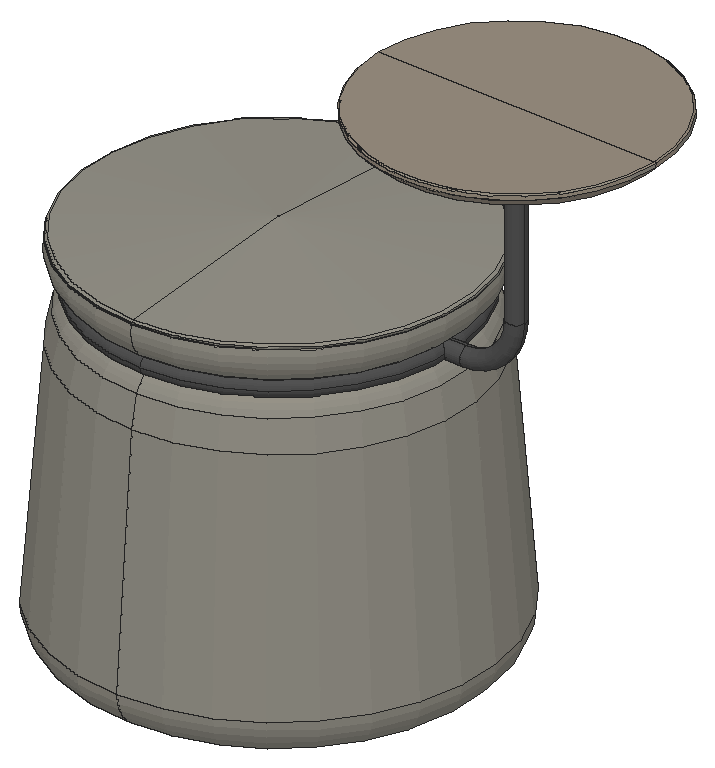
Revit family "NAU_Naughtone_Stng_Lasso_StoolWIP5", category Furniture, Revit 2016
Family settings
  OmniClass Number = 23.40.20.00
  OmniClass Title = General Furniture and Specialties
  Work Plane-Based = No
  Always vertical = Yes
  Cut with Voids When Loaded = No
  Shared = Yes
  Room Calculation Point = No
Parameters (values of type "Lasso Stool and Table LASSTTAB 510 x 725 x 705 mm")
  WarrantyStartDate [instance] = "1900-12-31T23:59:59"
  WarrantyGuarantorParts = "sales@naughtone.com"
  WarrantyGuarantorLabor = "sales@naughtone.com"
  WarrantyDurationUnit = "year"
  WarrantyDurationParts = "7"
  WarrantyDurationLabor = "7"
  WarrantyDescription = "n/a"
  Version = "1"
  Uniclass2015Version = "Products v1.14"
  Uniclass2015Title = "Chairs, seats and benches"
  Uniclass2015Code = "Pr_40_50_12"
  Uniclass2 = "n/a"
  URL = "www.naughtone.com"
  TagNumber [instance] = "n/a"
  TabletMaterial [instance] = NAU_Generic_Wood_Oak
  SustainabilityPerformance = "FSC certifeied, SCS indoor advantage gold"
  Style = "n/a"
  Size = "510 x 725 x 705 mm"
  Shape = "Circular"  # constant formula
  SerialNumber [instance] = "n/a"
  SeatingHeight [instance] = 485 mm  # constant formula
  SeatMaterial [instance] = NAU_AndrewMuirhead_Leather_Ingleston-Stone
  Revision = "n/a"
  ReplacementCost = "n/a"
  ProductInformation = "www.naughtone.com/products/lasso"
  NominalWidth = 725 mm
  NominalLength = 510 mm
  NominalHeight = 705 mm
  Name = "Seating_Lasso_Stool&Table_Naughtone"
  NBSTypeID = "n/a"
  NBSReference = "45-35-72/352"
  NBSOfficeMasterTag = "n/a"
  NBSDescription = "Seating"
  ModelReference = "Lasso stool and table - Lasso is a collaborative seating and table system that can be easily moved to create clusters around the three seat stool."
  ModelNumber = "LASSTTAB"
  Model = ModelNumber  # "LASSTTAB"
  Material = "Fabric, plywood frame, foam, steel ring, wooden table top"
  ManufacturerURL = "https://www.naughtone.com"
  ManufacturerName = "Naughtone"
  Manufacturer = "sales@naughtone.com"
  MainColor = Color  # "n/a"
  LowestSeatingHeight [instance] = 485 mm  # constant formula
  Keynote = Uniclass2015Code  # "Pr_40_50_12"
  IsTable = yes
  InstallationDate [instance] = "1900-12-31T23:59:59"
  IfcExportType = "CHAIR"
  IfcExportAs = "IfcFurnishingElementType"
  HighestSeatingHeight [instance] = 485 mm  # constant formula
  Grade = "n/a"
  FrameMaterial [instance] = NAU_Generic_Metal_Black
  Finish = "Fabric upholstery, wooden table top with oak/walnut veneer, white/black MFMDF top with reverse chamfer, white/black/RAL EPC steel ring"
  Features = "n/a"
  ExpectedLife = "7"
  DurationUnit = "year"
  Description = ModelReference  # "Lasso stool and table - Lasso is a collaborative seating and table system that can be easily moved to create clusters around the three seat stool."
  Constituents = "n/a"
  Color = "n/a"
  CodePerformance = "n/a"
  Category = "Pr_40_50_12 : Chairs, seats and benches"
  BarCode [instance] = "n/a"
  BIMObjectName = "NAU_Naughtone_Seating_Lasso_Stool&Table"
  Author = "BIMBox"  # constant formula
  AssetType = "Movable"
  AssetIdentifier [instance] = "n/a"
  Assembly Code = "E2020200"
  AccessibilityPerformance = "n/a"
Types (2, lengths in mm): name | Size | NominalWidth | NominalHeight | Name | ModelReference | ModelNumber | Model | Material | IsTable | Finish | Description | BIMObjectName
  Lasso Stool and Table LASSTTAB 510 x 725 x 705 mm | "510 x 725 x 705 mm" | 725 | 705 | "Seating_Lasso_Stool&Table_Naughtone" | "Lasso stool and table - Lasso is a collaborative seating and table system that can be easily moved to create clusters around the three seat stool." | "LASSTTAB" | "LASSTTAB" | "Fabric, plywood frame, foam, steel ring, wooden table top" | yes | "Fabric upholstery, wooden table top with oak/walnut veneer, white/black MFMDF top with reverse chamfer, white/black/RAL EPC steel ring" | "Lasso stool and table - Lasso is a collaborative seating and table system that can be easily moved to create clusters around the three seat stool." | "NAU_Naughtone_Seating_Lasso_Stool&Table"
  Lasso Stool LASST 510 x 510 x 485 mm | "510 x 510 x 485 mm" | 510 | 485 | "Seating_Lasso_Stool_Naughtone" | "Lasso stool - Lasso is a collaborative seating and table system that can be easily moved to create clusters around the three seat stool." | "LASST" | "LASST" | "Fabric, plywood frame, foam, wooden table top" | no | "Fabric upholstery, white/black/RAL EPC steel ring" | "Lasso stool - Lasso is a collaborative seating and table system that can be easily moved to create clusters around the three seat stool." | "NAU_Naughtone_Seating_Lasso_Stool"
Reference planes
  plane 1 "Center (Front/Back)": y = 0
  plane 2: z = 0
  plane 3 "Center (Left/Right)": x = 0
Forms (mm)
  Revolve 1, solid, material "NAU_AndrewMuirhead_Leather_Ingleston-Stone" <- "SeatMaterial"
    sketch origin (0, 0, 0) x (0, 1, 0) y (0, 0, 1)
      loop
        line (0, 481.232) -> (0, 9.319) -> (196.19, 9.319) -> (196.19, 11.488)
        arc (196.19, 11.488) -> (212.421, 12.709) -> (227.816, 17.993) r 63.858
        arc (227.816, 17.993) -> (245.26, 35.986) -> (251.756, 60.189) r 49.893
        arc (251.756, 60.189) -> (246.538, 203.358) -> (228.533, 345.485) r 1599.818
        arc (228.533, 345.485) -> (225.381, 363.59) -> (220.743, 381.373) r 222.081
        arc (220.743, 381.373) -> (215.618, 390.75) -> (208.164, 398.407) r 39.442
        arc (208.164, 398.407) -> (204.211, 409.254) -> (210.333, 419.042) r 13.158
        arc (210.333, 419.042) -> (226.181, 437.575) -> (228.529, 461.848) r 40.534
        arc (228.529, 461.848) -> (228.017, 462.304) -> (227.335, 462.384) r 1.14
        arc (227.335, 462.384) -> (228.123, 463.188) -> (227.892, 464.291) r 1.194
        arc (227.892, 464.291) -> (226.418, 465.579) -> (224.621, 466.358) r 6.36
        arc (224.621, 466.358) -> (113.147, 477.805) -> (1.181, 482.413) r 1831.32
        arc (1.181, 482.413) -> (0.35, 482.071) -> (0, 481.232) r 1.181
      axis (0, 9.319) -> (0, 482.413)
    angle from 0 to 360
  Extrusion 2, solid, material "NAU_Generic_Plastic_Black"
    sketch origin (-118.614, 40.524, 0) x (0.999835, -0.018189, 0) y (0.018189, 0.999835, 0)
      loop
        circle (52.541, -169.639) r 17.5
    from 0 to 9.319
  Revolve 3, solid, material "NAU_Generic_Wood_Oak" <- "TabletMaterial", visible <- "IsTable"
    sketch origin (-351.833, 5.477, 0) x (-0.999963, 0.008587, 0) y (0, 0, -1)
      loop
        line (-822.113, -706.824) -> (-820.632, -708.304) -> (-648.039, -708.304) -> (-648.039, -690.244) -> (-658.266, -690.244) -> (-658.266, -687.296) -> (-697.65, -687.296) -> (-697.65, -690.303) -> (-810.116, -690.303) -> (-822.113, -702.299) -> (-822.113, -706.824)
      axis (-648.039, -687.296) -> (-648.039, -708.304)
    angle from 0 to 360
  Sweep 4, solid, material "NAU_Generic_Metal_Black" <- "FrameMaterial", visible <- "IsTable"
    path in 3D
      loop
        line (201.017, 0.729, 409.158) -> (233.515, 0.45, 409.158)
        arc (233.515, 0.45, 409.158) -> (277.389, 0.074, 427.332) -> (295.562, -0.082, 471.208) r 62.05
        line (295.562, -0.082, 471.208) -> (295.562, -0.082, 690.581)
    profile origin (295.562, -0.082, 580.895) x (0.869683, 0.493611, 0) y (-0.493611, 0.869683, 0)
      loop
        circle (0, 0) r 11
  Extrusion 5, solid, material "NAU_Generic_Plastic_Black"
    sketch origin (118.614, 40.524, 0) x (-0.999835, -0.018189, 0) y (0.018189, -0.999835, 0)
      loop
        circle (52.541, 169.639) r 17.5
    from 0 to 9.319
  Extrusion 6, solid, material "NAU_Generic_Plastic_Black"
    sketch origin (-20.138, -123.717, 0) x (0.455005, 0.890489, 0) y (-0.890489, 0.455005, 0)
      loop
        circle (52.541, 169.639) r 17.5
    from 0 to 9.319
  Extrusion 7, solid, material "NAU_Generic_Plastic_Black"
    sketch origin (118.614, -40.524, 0) x (-0.999835, 0.018189, 0) y (-0.018189, -0.999835, 0)
      loop
        circle (52.541, -169.639) r 17.5
    from 0 to 9.319
  Extrusion 8, solid, material "NAU_Generic_Plastic_Black"
    sketch origin (20.138, -123.717, 0) x (-0.455005, 0.890489, 0) y (-0.890489, -0.455005, 0)
      loop
        circle (52.541, -169.639) r 17.5
    from 0 to 9.319
  Extrusion 9, solid, material "NAU_Generic_Plastic_Black"
    sketch origin (-118.614, -40.524, 0) x (0.999835, 0.018189, 0) y (-0.018189, 0.999835, 0)
      loop
        circle (52.541, 169.639) r 17.5
    from 0 to 9.319
  Sweep 10, solid, material "NAU_Generic_Metal_Black" <- "FrameMaterial"
    path in 3D
      loop
        arc (0, 204.15, 408.407) -> (204.15, 0, 408.407) -> (0, -204.15, 408.407) r 204.15
        arc (0, -204.15, 408.407) -> (-204.15, 0, 408.407) -> (0, 204.15, 408.407) r 204.15
    profile origin (-204.15, 0, 408.407) x (-1, 0, 0) y (0, 0, 1)
      loop
        circle (0, 0) r 11
Lines and regions (mm)
  sketch lines
    curve 1: line (295.562, -0.082, 471.208) -> (295.562, -0.082, 690.581)
    curve 2: arc (295.562, -0.082, 471.208) -> (277.389, 0.074, 427.332) -> (233.515, 0.45, 409.158) r 62.05
    curve 3: line (201.017, 0.729, 409.158) -> (233.515, 0.45, 409.158)
    curve 4: arc (0, -204.15, 408.407) -> (-204.15, 0, 408.407) -> (0, 204.15, 408.407) r 204.15
    curve 5: arc (0, 204.15, 408.407) -> (204.15, 0, 408.407) -> (0, -204.15, 408.407) r 204.15
Dimensions and locks
  aligned and locked: level to plane 2
  aligned and locked: Revolve 1 sketch curve to plane 1 "Center (Front/Back)"
